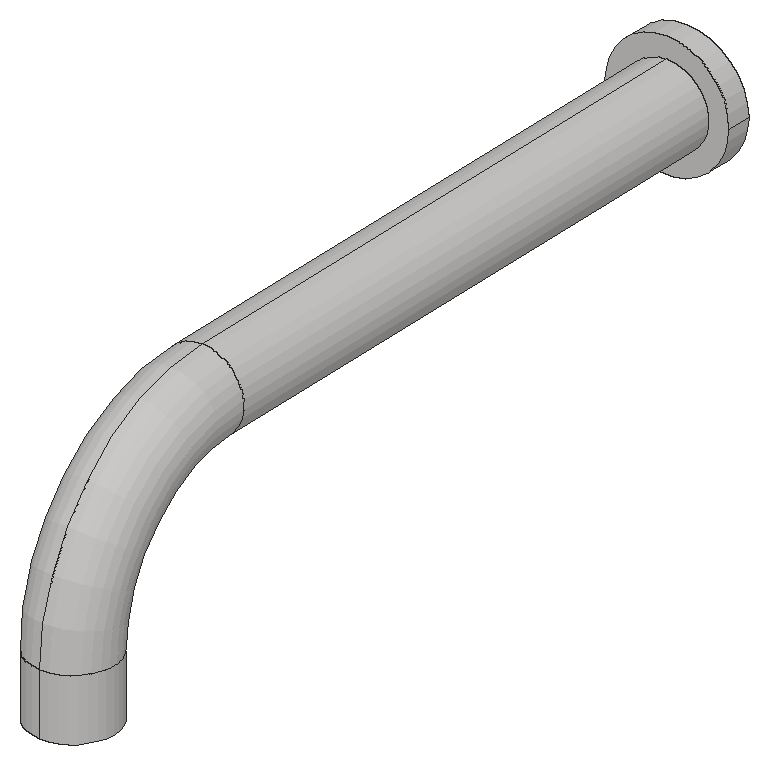
Revit family "020C", category Generic Models, Revit 2021
Family settings
  Can host rebar = No
  Round Connector Dimension = Use Diameter
  Part Type = Normal
  Work Plane-Based = No
  Always vertical = Yes
  Cut with Voids When Loaded = No
  Shared = No
  Room Calculation Point = No
Parameters (values of type "Standard")
  e-mail = "info@vola.com"
  URL = "http://vola.com"
  Telephone = "+45 7023 5500"
  Quality management standard = "ISO 9001"
  Organisation no. / DUNS no. = "17531328"
  Occupational health and safety management standard = "ISO 18001"
  Mounting Instructions = "http://vola.com/service/producturl.ashx?name=020C"
  Model = "020C"
  Materials and components information = "http://vola.com/service/producturl.ashx?name=020C"
  Manufacturer = "VOLA A/S"
  Maintenance Instructions = "http://vola.com/service/producturl.ashx?name=020C"
  Guarantee = "2 years"
  Environmental management standard = "ISO 14000"
  Default Elevation = 0.0000 mm
  Connection - All relevant connections = ""
  Approvals = "http://vola.com/service/producturl.ashx?name=020C"
Reference planes
  plane 1 "Center (Front/Back)": y = 0
  plane 2: z = 0
  plane 3 "Center (Left/Right)": x = 0
Forms (mm)
  Extrusion 1, solid, material "Stainless Steel"
    sketch origin (0, 0, 0) x (1, 0, 0) y (0, 0, 1)
      loop
        circle (0, 0) r 18
    from 0 to 7
  Sweep 2, solid, material "Stainless Steel"
    path origin (0, 0, 0) x (0, 1, 0) y (0, 0, 1)
      loop
        arc (-223, -47) -> (-209.234, -13.766) -> (-176, 0) r 47
        line (-176, 0) -> (-7, 0)
    profile origin (0, -91.5, 0) x (0, 0, 1) y (1, 0, 0)
      loop
        circle (0, 0) r 12
  Extrusion 3, solid, material "Stainless Steel"
    sketch origin (0, -223, -47) x (1, 0, 0) y (0, -1, 0)
      loop
        circle (0, 0) r 12
    from 0 to 18
Dimensions and locks
  aligned and locked: plane 2 to level
